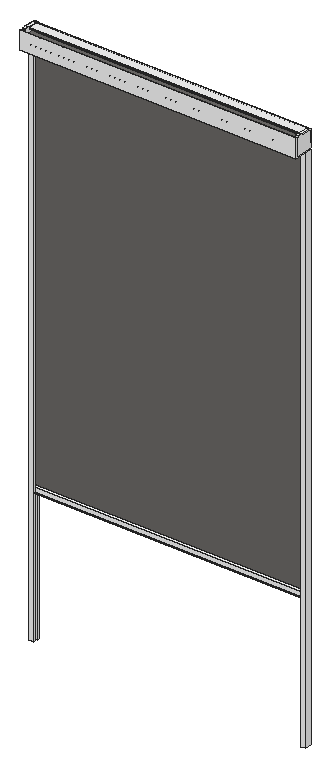
Revit family "Shades-Hunter_Douglas-RB500-Single_Standard_Duty-Auto-Bracket_Block_Out-3in", category Specialty Equipment, Revit 2024
Family settings
  Round Connector Dimension = Use Diameter
  Part Type = Normal
  OmniClass Number = 23.30.60.14
  OmniClass Title = Interior Window Treatment
  Work Plane-Based = No
  Enable Cutting in Views = No
  Always vertical = Yes
  Cut with Voids When Loaded = No
  Maintain Annotation Orientation = No
  Shared = No
  Room Calculation Point = No
Parameters (values of type "Automated")
  URL = "https://www.hunterdouglasarchitectural.com/"
  Type Comments = "Block Out Shade"  # constant formula
  Model = "Standard Duty Automated 3IN Bracket Block Out"  # constant formula
  Manufacturer = "Hunter Douglas Architectural"  # constant formula
  Description = "Standard Duty Automated Roller Shade"  # constant formula
  Default Elevation = 0' - 0"
  CD_Width [instance] = 4' - 0"
  CD_Warranty = "https://assets.hunterdouglasarchitectural.com/documents/RB500/Lifetime_Guarantee_HDA.pdf?_rand=1465740819000"
  CD_Product Page URL = "https://www.hunterdouglasarchitectural.com/windowcoverings/rollershades/RB500/index.jsp"
  CD_Product Name = "RB 500 Roller Shade System"  # constant formula
  CD_Product Documentation Link = "https://www.hunterdouglasarchitectural.com/windowcoverings/rollershades/RB500/index.jsp#cadDrawing"
  CD_Opening Percentage [instance] = 25
  CD_Microsite = "https://microsite.caddetails.com/1669"
  CD_Install Documentation = "https://www.hunterdouglasarchitectural.com/windowcoverings/rollershades/RB500/index.jsp#installationPage"
  CD_Height Opening [instance] = ((CD_Height - CD_Bracket Height - 0' 1 101/256") * CD_Opening Percentage) / 100  # 1' - 10.82324"
  CD_Height [instance] = 8' - 0"
  CD_Finish Rail = Metal-Aluminum-Hunter_Douglas-Anodized-White
  CD_Finish Frame = Metal-Aluminum-Hunter_Douglas-Anodized-White
  CD_Finish = Fabric-Shade-Hunter_Douglas-5%-E_Screen-Charcoal_Cocoa
  CD_Fabric Sizing Disclaimer = "Designer to verify maximum fabric size with Manufacturer as the maximum fabric size is dependent on finished dimensions"  # constant formula
  CD_Bracket Height = 0' - 3 5/16"  # constant formula
  CD_Bracket Depth = 0' - 3 9/64"  # constant formula
  Assembly Code = "E2010300"
Reference planes (in)
  plane 1 "Center (Front/Back)": y = -0.06427
  plane 2 "Bottom": z = 0
  plane 3 "Center (Left/Right)": x = 0
  plane 4 "Top": z = 96
  plane 5 "Left": x = -24
  plane 6 "Right": x = 24
  plane 7 "Back": y = 1.57031
  plane 8 "Front": y = -1.57031
  plane 9 "Opening": z = 22.82324
  plane 10 "Head Height": z = 92.6875
  plane 11 "Shade Left": x = -23.44922
  plane 12 "Shade Right": x = 23.44922
  plane 13 "Blind Location": y = 0.98718
  plane 14 "Center (Elevation)": z = 94.24448
Forms (in)
  Extrusion 1, solid, material "Metal-Aluminum-Hunter_Douglas-Anodized-White" <- "CD_Finish Frame", detail levels coarse
    sketch origin (0, 0, 0) x (0, 1, 0) y (0, 0, 1)
      loop
        line (1.57031, 92.6875) -> (1.57031, 96) -> (-1.57031, 96) -> (-1.57031, 92.6875) -> (1.57031, 92.6875)
    from -24 to 24
  Extrusion 2, solid, material "Metal-Aluminum-Hunter_Douglas-Anodized-White" <- "CD_Finish Rail", detail levels fine
    sketch origin (0, 0, -20.35107) x (0, 1, 0) y (0, 0, 1)
      loop
        line (1.29937, 43.48662) -> (1.29937, 44.25399)
        arc (1.29937, 44.25399) -> (1.0071, 44.56704) -> (0.67475, 44.29692) r 0.31379
        line (0.67475, 44.29692) -> (0.67475, 43.48662)
        arc (0.67475, 43.48662) -> (0.98706, 43.17431) -> (1.29937, 43.48662) r 0.31231
    from -23.44922 to 23.44922
  Extrusion 3, solid, material "Fabric-Shade-Hunter_Douglas-5%-E_Screen-Charcoal_Cocoa" <- "CD_Finish"
    sketch origin (0, 0, 0) x (0, 1, 0) y (0, 0, 1)
      loop
        line (1.00467, 22.82324) -> (1.00467, 93.46875) -> (0.96969, 93.46875) -> (0.96969, 22.82324) -> (1.00467, 22.82324)
    from -23.44922 to 23.44922
  Extrusion 4, solid, material "Metal-Aluminum-Hunter_Douglas-Anodized-White" <- "CD_Finish Rail", detail levels fine
    sketch origin (0, 0, 0) x (1, 0, 0) y (0, 1, 0)
      loop
        line (-23.17198, 1.29937) -> (-23.17198, 1.52017) -> (-24, 1.52017) -> (-24, 0.45419) -> (-23.17198, 0.45419) -> (-23.17198, 0.67475) -> (-23.44922, 0.67475) -> (-23.44922, 1.29937) -> (-23.17198, 1.29937)
      loop
        line (23.17198, 1.29937) -> (23.44922, 1.29937) -> (23.44922, 0.67475) -> (23.17198, 0.67475) -> (23.17198, 0.45419) -> (24, 0.45419) -> (24, 1.52017) -> (23.17198, 1.52017) -> (23.17198, 1.29937)
    from 0 to 92.6875
  Extrusion 5, solid, material "Metal-Aluminum-Hunter_Douglas-Anodized-White" <- "CD_Finish Rail", detail levels coarse
    sketch origin (0, 0, 0) x (1, 0, 0) y (0, 1, 0)
      loop
        line (-24, 1.52017) -> (-24, 0.45767) -> (-23.44922, 0.45767) -> (-23.44922, 1.52017) -> (-24, 1.52017)
      loop
        line (24, 1.52017) -> (23.44922, 1.52017) -> (23.44922, 0.45767) -> (24, 0.45767) -> (24, 1.52017)
    from 0 to 92.6875
  Extrusion 6, solid, material "Fabric-Shade-Hunter_Douglas-5%-E_Screen-Charcoal_Cocoa" <- "CD_Finish"
    sketch origin (0, 0, 0) x (0, 1, 0) y (0, 0, 1)
      loop
        arc (0.88708, 94.09361) -> (-1.00414, 94.45534) -> (0.86036, 93.97449) r 0.96324
        line (0.86036, 93.97449) -> (0.96969, 92.41411) -> (1.00459, 92.41655) -> (0.88708, 94.09361)
    from -23.44922 to 23.44922
  Extrusion 7, solid, material "Metal-Aluminum-Hunter_Douglas-Anodized-White" <- "CD_Finish Frame", detail levels medium+fine
    sketch origin (0, 0, 0.00115) x (0, 1, 0) y (0, 0, 1)
      loop
        arc (0.70388, 92.68635) -> (0.77067, 92.70622) -> (0.81573, 92.75937) r 0.12217
        line (0.81573, 92.75937) -> (-1.4994, 92.75937) -> (-1.4994, 95.87162) -> (-1.57031, 95.87162) -> (-1.57031, 92.68635) -> (0.70388, 92.68635)
    from -24 to 24
  Extrusion 8, solid, material "Metal-Aluminum-Hunter_Douglas-Anodized-White" <- "CD_Finish Frame", detail levels medium+fine
    sketch origin (0, 0, 0.00115) x (0, 1, 0) y (0, 0, 1)
      loop
        line (1.49031, 95.77162) -> (1.49031, 93.95162) -> (1.57031, 93.95162) -> (1.57031, 95.80162)
        arc (1.57031, 95.80162) -> (1.52638, 95.90768) -> (1.42031, 95.95162) r 0.15
        line (1.42031, 95.95162) -> (-0.42969, 95.95162) -> (-0.42969, 95.87162) -> (1.39031, 95.87162)
        arc (1.39031, 95.87162) -> (1.46102, 95.84233) -> (1.49031, 95.77162) r 0.1
    from -24 to 24
  Extrusion 9, solid, material "Metal-Aluminum-Hunter_Douglas-Anodized-White" <- "CD_Finish Frame", detail levels medium+fine
    sketch origin (0, 0, 0.00115) x (0, 1, 0) y (0, 0, 1)
      loop
        line (1.57031, 92.95162) -> (1.57031, 95.95162) -> (-0.92969, 95.95162) -> (-0.92969, 95.64988) -> (-1.42969, 95.56173) -> (-1.42969, 92.95162) -> (1.57031, 92.95162)
    from 23.44922 to 24
  Extrusion 10, solid, material "Metal-Aluminum-Hunter_Douglas-Anodized-White" <- "CD_Finish Frame", detail levels medium+fine
    sketch origin (-34.25, 0, 0.00115) x (0, 1, 0) y (0, 0, 1)
      loop
        line (1.57031, 92.95162) -> (1.57031, 95.95162) -> (-0.92969, 95.95162) -> (-0.92969, 95.64988) -> (-1.42969, 95.56173) -> (-1.42969, 92.95162) -> (1.57031, 92.95162)
    from 10.25 to 10.80078
Cuts and joins
  joined: Extrusion 3, Extrusion 6
Lines and regions (in)
  Masking region 1, detail levels fine
    outline origin (0, 0, 0) x (0, 1, 0) y (0, 0, 1)
      loop
        arc (1.29937, 23.90293) -> (1.0071, 24.21597) -> (0.67475, 23.94586) r 0.31379
        line (0.67475, 23.94586) -> (0.67475, 23.13555)
        arc (0.67475, 23.13555) -> (0.98706, 22.82324) -> (1.29937, 23.13555) r 0.31231
        line (1.29937, 23.13555) -> (1.29937, 23.90293)
Dimensions and locks (in)
  "CD_Height": plane 4 "Top" to plane 2 "Bottom"
  equal spacing: plane 5 "Left", plane 3 "Center (Left/Right)", plane 6 "Right"
  "CD_Width": plane 5 "Left" to plane 6 "Right"
  plane 1 "Center (Front/Back)" to plane 7 "Back" = 0' - 1.63458"
  "CD_Bracket Depth": plane 8 "Front" to plane 7 "Back"
  Extrusion 2 sketch curve to Extrusion 2 sketch curve to Extrusion 2 sketch curve to Extrusion 2 sketch curve to Extrusion 2 sketch curve to plane 9 "Opening" to Extrusion 2 sketch curve = 0' - 0.27086" locked, 0' - 0.04293" locked, 0' - 0.76737" locked, 0' - 0" locked, 0' - 0.31231" locked, 0' - 0" locked
  Extrusion 2 sketch curve to plane 13 "Blind Location" to Extrusion 2 sketch curve = 0' - 0.31219" locked, 0' - 0.31243" locked
  locked: Extrusion 3 sketch curve to plane 10 "Head Height" at 0.78125
  Extrusion 3 sketch curve to plane 13 "Blind Location" to Extrusion 3 sketch curve = 0' - 0.01749" locked, 0' - 0.01749" locked
  locked: plane 5 "Left" to plane 11 "Shade Left" at 0.55078
  locked: plane 12 "Shade Right" to plane 6 "Right" at 0.55078
  "CD_Height Opening": plane 9 "Opening" to level
  "CD_Bracket Height": plane 4 "Top" to plane 10 "Head Height"
  Masking region 1 sketch curve to Masking region 1 sketch curve to Masking region 1 sketch curve to Masking region 1 sketch curve to Masking region 1 sketch curve to plane 9 "Opening" to Masking region 1 sketch curve = 0' - 0.27086" locked, 0' - 0.04293" locked, 0' - 0.76737" locked, 0' - 0" locked, 0' - 0.31231" locked, 0' - 0" locked
  Masking region 1 sketch curve to plane 13 "Blind Location" to Masking region 1 sketch curve = 0' - 0.31219" locked, 0' - 0.31243" locked
  Extrusion 4 sketch curve to plane 11 "Shade Left" to Extrusion 4 sketch curve to Extrusion 4 sketch curve = 0' - 0 141/256" locked, 0' - 0.27724" locked, 0' - 0" locked
  Extrusion 4 sketch curve to Extrusion 4 sketch curve to plane 13 "Blind Location" to Extrusion 4 sketch curve to Extrusion 4 sketch curve = 0' - 0.22057" locked, 0' - 0.31243" locked, 0' - 0.31219" locked, 0' - 0.2208" locked  (x2)
  Extrusion 5 sketch curve to plane 13 "Blind Location" to Extrusion 5 sketch curve = 0' - 0.52951" locked, 0' - 0.53299" locked  (x2)
  Extrusion 9 sketch curve to plane 7 "Back" to Extrusion 9 sketch curve to Extrusion 9 sketch curve = 0' - 0" locked, 0' - 2 1/2" locked, 0' - 0 1/2" locked
  plane 4 "Top" to Extrusion 9 sketch curve to Extrusion 9 sketch curve to Extrusion 9 sketch curve to Extrusion 9 sketch curve = 0' - 0.04724" locked, 0' - 0.30173" locked, 0' - 0.08816" locked, 0' - 2.61011" locked
  plane 4 "Top" to Extrusion 7 sketch curve to Extrusion 7 sketch curve to Extrusion 7 sketch curve = 0' - 0.12724" locked, 0' - 3.11225" locked, 0' - 0.07302" locked
  plane 7 "Back" to Extrusion 7 sketch curve to Extrusion 7 sketch curve to Extrusion 7 sketch curve = 0' - 0.74426" locked, 0' - 2.32546" locked, 0' - 0.07091" locked
  Extrusion 10 sketch curve to plane 7 "Back" to Extrusion 10 sketch curve to Extrusion 10 sketch curve = 0' - 0" locked, 0' - 2 1/2" locked, 0' - 0 1/2" locked
  plane 4 "Top" to Extrusion 10 sketch curve to Extrusion 10 sketch curve to Extrusion 10 sketch curve to Extrusion 10 sketch curve = 0' - 0.04724" locked, 0' - 0.30173" locked, 0' - 0.08816" locked, 0' - 2.61011" locked
  plane 7 "Back" to Extrusion 6 sketch curve to Extrusion 6 sketch curve to Extrusion 6 sketch curve = 0' - 0.56573" locked, 0' - 0.0349" locked, 0' - 1.99719" locked
  plane 4 "Top" to Extrusion 6 sketch curve to Extrusion 6 sketch curve to Extrusion 6 sketch curve to Extrusion 6 sketch curve to Extrusion 6 sketch curve = 0' - 0.79228" locked, 0' - 1.11411" locked, 0' - 0.11912" locked, 0' - 1.55794" locked, 0' - 0.00245" locked
  Extrusion 8 sketch curve to plane 7 "Back" to Extrusion 8 sketch curve to Extrusion 8 sketch curve = 0' - 0" locked, 0' - 0.08" locked, 0' - 1.92" locked
  plane 4 "Top" to Extrusion 8 sketch curve to Extrusion 8 sketch curve to Extrusion 8 sketch curve = 0' - 0.04724" locked, 0' - 0.08" locked, 0' - 1.92" locked
  locked: plane 14 "Center (Elevation)" to plane 10 "Head Height" at 1.55698
  locked: plane 8 "Front" to plane 1 "Center (Front/Back)" at 1.50604
  Extrusion 4 sketch curve to Extrusion 4 sketch curve to Extrusion 4 sketch curve to plane 12 "Shade Right" to Extrusion 5 = 0' - 0" locked, 0' - 0.27724" locked, 0' - 0" locked, 0' - 0 141/256" locked
  aligned and locked: plane 2 "Bottom" to level
  aligned and locked: plane 4 "Top" to Extrusion 1 sketch curve
  aligned and locked: plane 8 "Front" to Extrusion 1 sketch curve
  aligned and locked: Extrusion 1 sketch curve to plane 7 "Back"
  aligned and locked: Extrusion 1 sketch curve to plane 10 "Head Height"
  aligned and locked: Extrusion 1 to plane 5 "Left"
  aligned and locked: plane 6 "Right" to Extrusion 1
  aligned and locked: Extrusion 3 to plane 11 "Shade Left"
  aligned and locked: plane 12 "Shade Right" to Extrusion 3
  aligned and locked: Extrusion 3 to plane 9 "Opening"
  aligned and locked: Extrusion 4 sketch curve to plane 6 "Right"
  aligned and locked: plane 10 "Head Height" to Extrusion 4
  aligned and locked: Extrusion 4 to level
  aligned and locked: Extrusion 5 sketch curve to plane 5 "Left"
  aligned and locked: plane 11 "Shade Left" to Extrusion 5 sketch curve
  aligned and locked: Extrusion 5 sketch curve to plane 6 "Right"
  aligned and locked: plane 12 "Shade Right" to Extrusion 5 sketch curve
  aligned and locked: Extrusion 5 to level
  aligned and locked: plane 10 "Head Height" to Extrusion 5
  aligned and locked: Extrusion 6 to plane 11 "Shade Left"
  aligned and locked: plane 12 "Shade Right" to Extrusion 6
  aligned and locked: Extrusion 2 to plane 11 "Shade Left"
  aligned and locked: plane 12 "Shade Right" to Extrusion 2
  aligned and locked: Extrusion 10 to plane 5 "Left"
  aligned and locked: plane 11 "Shade Left" to Extrusion 10
  aligned and locked: Extrusion 7 to plane 5 "Left"
  aligned and locked: plane 6 "Right" to Extrusion 7
  aligned and locked: plane 6 "Right" to Extrusion 9
  aligned and locked: Extrusion 9 to plane 12 "Shade Right"
  aligned and locked: plane 6 "Right" to Extrusion 8
  aligned and locked: Extrusion 8 to plane 5 "Left"
Automatic sketch dimensions
  plane 9 "Opening" to Extrusion 3 sketch curve = 0' - 0"
  plane 11 "Shade Left" to Extrusion 4 sketch curve = 0' - 0"
  Extrusion 7 sketch curve to plane 1 "Center (Front/Back)" = 0' - 0.76815"
  plane 7 "Back" to Extrusion 8 sketch curve = 0' - 0.15"
  Extrusion 8 sketch curve to Extrusion 8 sketch curve = 0' - 0.03"
